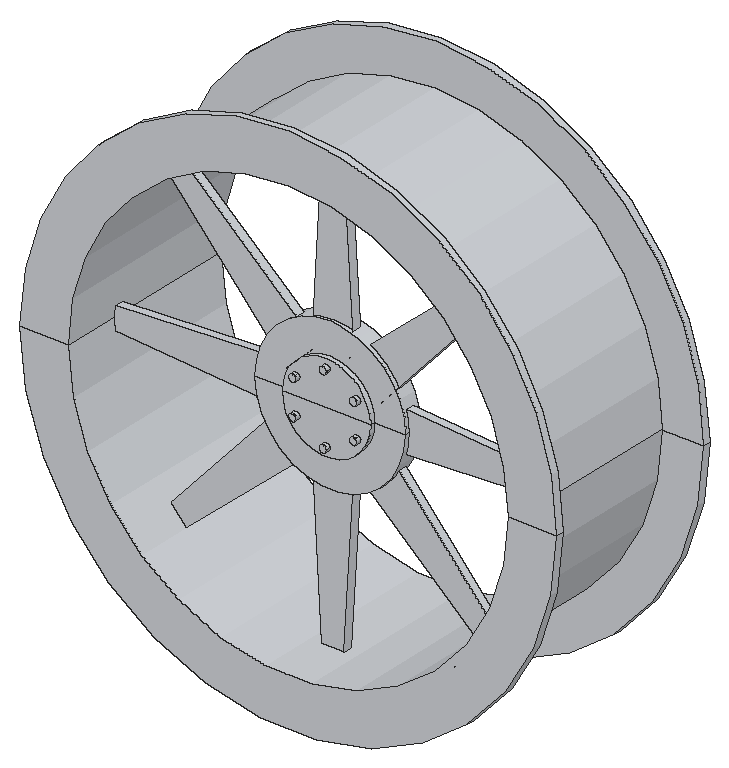
Revit family "CADS_Vent-Axia_MechEquip_Fan_VSC_SabreSickleShortCased_3Ph4P - SUPPLY", category Mechanical Equipment, Revit 2020
Family settings
  Round Connector Dimension = Use Diameter
  Part Type = Normal
  OmniClass Number = 23.75.00.00
  OmniClass Title = Climate Control (HVAC)
  Work Plane-Based = No
  Always vertical = Yes
  Cut with Voids When Loaded = No
  Shared = No
  Room Calculation Point = No
Parameters (values of type "VSC31534A")
  WorkingPressure = 0.0 Pa
  WarrantyStartDate [instance] = "1900-12-31T23:59:59"
  WarrantyPeriod = ""
  WarrantyIdentifier = "N/A"
  WarrantyGuarantorParts = "tech@vent-axia.com"
  WarrantyGuarantorLabor = "tech@vent-axia.com"
  WarrantyGuarantor = "Vent-Axia Limited"
  WarrantyEndDate [instance] = "1900-12-31T23:59:59"
  WarrantyContent = ""
  TemperatureRange = ""
  TagNumber [instance] = "N/A"
  SustainabilityPerformance = ""
  Status = "New"
  Size = ""
  Shape = ""
  ServiceLifeType = ""
  ServiceLifeDuration = ""
  SerialNumber [instance] = "N/A"
  ReplacementCost = ""
  RatedVoltage = 0 V
  RatedCurrent = 0 A
  Quantity = 1
  ProductionYear = ""
  PressureCurve = ""
  PowerFactor = ""
  PointOfContact = ""
  NumberOfPoles = 0
  NominalWidth = 315 mm
  NominalLength = 136.5 mm
  NominalHeight = 315 mm
  NominalFrequencyRange = ""
  NominalDiameter = 315 mm
  ModelReference = "OWLET SICKLE CASE FAN 315DIA 3PH 4 POLE"
  ModelNumber = "VSC31534A"
  Material = ""
  ManufacturerE-Mail = "tech@vent-axia.com"
  ManufacturerAddress = "Fleming Way\nCrawley \nRH10 9YX"
  IsExtendedWarranty = no
  InsulationStandardClass = ""
  InstallationDate [instance] = "1900-12-31T23:59:59"
  IfcExportType [instance] = ""
  IfcExportAs = "IfcFanType"
  IP_Code = ""
  HasProtectiveEarth = no
  GrossWeight = 0.00 kg
  Grade = ""
  GlobalTradeItemNumber [instance] = "N/A"
  Fitting Type = "Ignore"
  Finish = ""
  Features = ""
  ExteriorInsulation = no
  ExpectedServiceLife = 0
  Exclusions = ""
  DurationUnit = "Year"
  Default Elevation = 0 mm
  Constituents = ""
  ConductorFunction = ""
  Color = ""
  CodePerformance = ""
  Category = ""
  CADS_Usage = 0
  CADS_Index = 0
  AssetType = "FIXED"
  AssetIdentifier [instance] = "N/A"
  AssemblyPlace = "UNKNOWN"
  ArticleNumber [instance] = "N/A"
  AirflowRateRange = 0.0 L/s
  Air Flow [instance] = 0.0 L/s
  AccessibilityPerformance = ""
Types (7, lengths in mm): name | NominalWidth | NominalLength | NominalHeight | NominalDiameter | ModelReference | ModelNumber
  VSC31534A | 315 | 136.5 | 315 | 315 | "OWLET SICKLE CASE FAN 315DIA 3PH 4 POLE" | "VSC31534A"
  VSC35534A | 355 | 135 | 355 | 355 | "OWLET SICKLE CASE FAN 355 DIA 3PH 4 POLE" | "VSC35534A"
  VSC40034A | 400 | 155 | 400 | 400 | "OWLET SICKLE CASE FAN 400 DIA 3PH 4 POLE" | "VSC40034A"
  VSC45034A | 450 | 160 | 450 | 450 | "OWLET SICKLE CASE FAN 450 DIA 3PH 4 POLE" | "VSC45034A"
  VSC50034A | 500 | 166 | 500 | 500 | "OWLET SICKLE CASE FAN 500 DIA 3PH 4 POLE" | "VSC50034A"
  VSC56034A | 560 | 210 | 560 | 560 | "OWLET SICKLE CASE FAN 560DIA 3PH 4 POLE" | "VSC56034A"
  VSC63034B | 630 | 225.5 | 630 | 630 | "630MM 3PH 4P CASED FAN REF CODE 170513" | "VSC63034B"
Reference planes
  plane 1 "Center (Front/Back)": y = 0
  plane 2: z = 0
  plane 3 "Center (Left/Right)": x = 0
  plane 4: x = -157.5
  plane 5: x = 157.5
  plane 6 "F": y = -68.25
  plane 7 "B": y = 68.25
  plane 8: x = -192.5
  plane 9: y = 63.25
  plane 10: y = -63.25
  plane 11: x = -162.5
  plane 12: y = -28.25
  plane 13 "top": z = 157.5
  plane 14: z = -157.5
Forms (mm)
  Revolve 1, solid
    sketch origin (0, 0, 0) x (1, 0, 0) y (0, 1, 0)
      loop
        line (-192.5, -68.25) -> (-157.5, -68.25) -> (-157.5, 68.25) -> (-192.5, 68.25) -> (-192.5, 63.25) -> (-162.5, 63.25) -> (-162.5, -63.25) -> (-192.5, -63.25) -> (-192.5, -68.25)
      axis (0, 68.25) -> (0, -68.25)
    angle from 0 to 360
Dimensions and locks
  equal spacing: plane 4, plane 3 "Center (Left/Right)", plane 5
  equal spacing: plane 7 "B", plane 1 "Center (Front/Back)", plane 6 "F"
  "NominalLength": plane 7 "B" to plane 6 "F"
  "NominalDiameter": plane 4 to plane 5
  locked: plane 11 to plane 4 at 5
  locked: plane 8 to plane 11 at 30
  locked: plane 6 "F" to plane 10 at 5
  locked: plane 7 "B" to plane 9 at 5
  locked: plane 6 "F" to plane 12 at 40
  equal spacing: plane 13 "top", level, plane 14
  "NominalDiameter": plane 13 "top" to plane 14
  aligned and locked: level to plane 2
  aligned and locked: nested 1 to plane 12
Automatic sketch dimensions
  plane 6 "F" to Revolve 1 sketch curve = 0 mm
  Revolve 1 sketch curve to plane 8 = 0 mm  (x2)
  plane 10 to Revolve 1 sketch curve = 0 mm
  Revolve 1 sketch curve to plane 11 = 0 mm
  Revolve 1 sketch curve to plane 4 = 0 mm
  Revolve 1 sketch curve to plane 3 "Center (Left/Right)" = 0 mm
  plane 1 "Center (Front/Back)" to Revolve 1 sketch curve = 0 mm
  Revolve 1 sketch curve to plane 9 = 0 mm
  Revolve 1 sketch curve to plane 7 "B" = 0 mm
  plane 6 "F" to Revolve 1 sketch curve = 115 mm
Nested families
  nested 1: "Fan for ESC" at (0, -28.25, 0), ND <- "NominalDiameter", type "Fan for ESC"
    with hub 31.5 mm, ND 315 mm, BoltPCD 25.2 mm, Bolt Count 6, B_Diam 5 mm
  nested 2: "Bolts" at (21.824, -37.422, -12.6) x (-0.5, 0, -0.866) z (0, 1, 0), type "Bolts"
    with bd 5 mm
  nested 3: "Bolts" at (0, -37.422, -25.2) x (-1, 0, 0) z (0, 1, 0), type "Bolts"
    with bd 5 mm
  nested 4: "Bolts" at (-21.824, -37.422, -12.6) x (-0.5, 0, 0.866) z (0, 1, 0), type "Bolts"
    with bd 5 mm
  nested 5: "Bolts" at (-21.824, -37.422, 12.6) x (0.5, 0, 0.866) z (0, 1, 0), type "Bolts"
    with bd 5 mm
  nested 6: "Bolts" at (21.824, -37.422, 12.6) x (0.5, 0, -0.866) z (0, 1, 0), type "Bolts"
    with bd 5 mm
  nested 7: "Bolts" at (0, -37.422, 25.2) x (1, 0, 0) z (0, 1, 0), type "Bolts"
    with bd 5 mm
  nested 8: "ESC Blade" at (0, -28.25, 0), type "ESC Blade"
    with a 20.00°, HR 31.5 mm, HD 63 mm, BT 15.75 mm, BR 126 mm, BH 40 mm, BD 315 mm, BB 31.5 mm
  nested 9: "ESC Blade" at (0, -28.25, 0) x (0.7071, 0, -0.7071) z (0.7071, 0, 0.7071), type "ESC Blade"
    with a 20.00°, HR 31.5 mm, HD 63 mm, BT 15.75 mm, BR 126 mm, BH 40 mm, BD 315 mm, BB 31.5 mm
  nested 10: "ESC Blade" at (0, -28.25, 0) x (0, 0, -1) z (1, 0, 0), type "ESC Blade"
    with a 20.00°, HR 31.5 mm, HD 63 mm, BT 15.75 mm, BR 126 mm, BH 40 mm, BD 315 mm, BB 31.5 mm
  nested 11: "ESC Blade" at (0, -28.25, 0) x (-0.7071, 0, -0.7071) z (0.7071, 0, -0.7071), type "ESC Blade"
    with a 20.00°, HR 31.5 mm, HD 63 mm, BT 15.75 mm, BR 126 mm, BH 40 mm, BD 315 mm, BB 31.5 mm
  nested 12: "ESC Blade" at (0, -28.25, 0) x (-1, 0, 0) z (0, 0, -1), type "ESC Blade"
    with a 20.00°, HR 31.5 mm, HD 63 mm, BT 15.75 mm, BR 126 mm, BH 40 mm, BD 315 mm, BB 31.5 mm
  nested 13: "ESC Blade" at (0, -28.25, 0) x (-0.7071, 0, -0.7071) z (-0.7071, 0, 0.7071), type "ESC Blade"
    with a 20.00°, HR 31.5 mm, HD 63 mm, BT 15.75 mm, BR 126 mm, BH 40 mm, BD 315 mm, BB 31.5 mm
  nested 14: "ESC Blade" at (0, -28.25, 0) x (0, 0, -1) z (-1, 0, 0), type "ESC Blade"
    with a 20.00°, HR 31.5 mm, HD 63 mm, BT 15.75 mm, BR 126 mm, BH 40 mm, BD 315 mm, BB 31.5 mm
  nested 15: "ESC Blade" at (0, -28.25, 0) x (0.7071, 0, -0.7071) z (-0.7071, 0, -0.7071), type "ESC Blade"
    with a 20.00°, HR 31.5 mm, HD 63 mm, BT 15.75 mm, BR 126 mm, BH 40 mm, BD 315 mm, BB 31.5 mm
Connectors
  hvac at (0, -68.25, 0), driven by "NominalDiameter", driven by "Air Flow"
    settings: on Revolve 1, index 1, duct flow 0.0 L/s, flow factor 0, pres drop 0.0 Pa, loss coef 0, conn angle 0.00°, conn width 304.8 mm, conn height 304.8 mm, conn diameter 315 mm, duct sys type 1, conn prof type 0, flow config 1, flow direction 1, loss method 0, conn ref index -1, conn util no, is conn primary yes, conn desc ""
  hvac at (0, 68.25, 0), driven by "NominalDiameter", driven by "Air Flow"
    settings: on Revolve 1, index 2, duct flow 0.0 L/s, flow factor 0, pres drop 0.0 Pa, loss coef 0, conn angle 0.00°, conn width 304.8 mm, conn height 304.8 mm, conn diameter 315 mm, duct sys type 1, conn prof type 0, flow config 0, flow direction 2, loss method 0, conn ref index -1, conn util no, is conn primary no, conn desc ""
Definition of nested family "Fan for ESC"
  Parameters (values of type "Fan for ESC")
    hub [instance] = ND / 10  # 56.7 mm
    ND [instance] = 567 mm
    Model = "."
    Default Elevation = 0 mm
    BoltPCD [instance] = hub - (hub * 0.2)  # 45.36 mm
    Bolt Count [instance] = if(hub < 50 mm, 6, 8)  # 8
    B_Diam [instance] = if(hub < 50 mm, 5 mm, 10 mm)  # 10 mm
  Reference planes
    plane 1 "Center (Front/Back)": y = 0
    plane 2: z = 0
    plane 3 "Center (Left/Right)": x = 0
    plane 4 "back": y = 20
    plane 5 "bolts": y = -9.172
    plane 6 "B": z = 56.7
    plane 7: x = -79.287
    plane 8: x = -56.7
    plane 9 "hubface": y = -6.172
  Forms (mm)
    Revolve 1, solid
      sketch origin (0, 0, 0) x (1, 0, 0) y (0, 1, 0)
        loop
          line (0, 20) -> (-56.7, 20) -> (-56.7, 10.504) -> (-79.287, 10.504) -> (-79.287, -2.597) -> (-56.7, -2.597) -> (-56.7, -6.172) -> (0, -6.172) -> (0, 20)
        axis (0, 20) -> (0, -6.172)
      angle from 0 to 360
    Extrusion 2, solid, not visible
      sketch origin (0, -6.347, -4) x (-1, 0, 0) y (0, 0, 1)
        loop
          circle (0, 84) r 5
      from 0 to 3
  Lines and regions (mm)
    symbolic lines
      curve 1: circle (0, -9.172, 0) r 45.36 normal (0, 1, 0)
    model lines, not visible
      curve 2: line (0, -6.347, 85) -> (0, -6.347, 75)
  Dimensions and locks
    "hub": plane 6 "B" to plane 2
    "hub": nested 3 to plane 3 "Center (Left/Right)"
    "hub": nested 4 to plane 3 "Center (Left/Right)"
    "hub": nested 5 to plane 3 "Center (Left/Right)"
    "hub": plane 3 "Center (Left/Right)" to nested 6
    "hub": Revolve 1 sketch curve to Revolve 1 sketch curve
    "hub": plane 3 "Center (Left/Right)" to nested 7
    "hub": plane 3 "Center (Left/Right)" to nested 8
    "hub": plane 3 "Center (Left/Right)" to nested 9
    "hub": plane 8 to plane 3 "Center (Left/Right)"
    plane 7 to plane 8 = 22.587 mm
    diameter of Extrusion 2 sketch curve = 10 mm
    "BoltPCD": radius of curve 1
    "BoltPCD": radius of radial array
    aligned and locked: level to plane 2
    aligned and locked: plane 6 "B" to nested 1
  Automatic sketch dimensions
    Revolve 1 sketch curve to plane 7 = 0 mm
    Revolve 1 sketch curve to plane 8 = 0 mm  (x2)
    Revolve 1 sketch curve to plane 3 "Center (Left/Right)" = 0 mm
    Revolve 1 sketch curve to plane 9 "hubface" = 0 mm
    plane 4 "back" to Revolve 1 sketch curve = 0 mm
    plane 1 "Center (Front/Back)" to Revolve 1 sketch curve = 2.597 mm
    plane 4 "back" to Revolve 1 sketch curve = 9.496 mm
    Revolve 1 sketch curve to Revolve 1 sketch curve = 5 mm
    Revolve 1 sketch curve to plane 4 "back" = 45 mm
    curve 1 to level = 0 mm
    curve 1 to plane 3 "Center (Left/Right)" = 0 mm
  Nested families
    nested 1: "ESC Blade" at (0, 0, 0), BD <- "ND", HD <- "hub", type "ESC Blade"
      with a 20.00°, HR 56.7 mm, HD 113.4 mm, BT 28.35 mm, BR 226.8 mm, BH 40 mm, BD 567 mm, BB 56.7 mm
    nested 2: "ESC Blade" at (0, 0, 755), BD <- "ND", HD <- "hub", type "ESC Blade", not visible
      with a 20.00°, HR 56.7 mm, HD 113.4 mm, BT 28.35 mm, BR 226.8 mm, BH 40 mm, BD 567 mm, BB 56.7 mm
    nested 3: "ESC Blade" at (0, 0, 0) x (0.7071, 0, -0.7071) z (0.7071, 0, 0.7071), BD <- "ND", HD <- "hub", type "ESC Blade"
      with a 20.00°, HR 56.7 mm, HD 113.4 mm, BT 28.35 mm, BR 226.8 mm, BH 40 mm, BD 567 mm, BB 56.7 mm
    nested 4: "ESC Blade" at (0, 0, 0) x (0, 0, -1) z (1, 0, 0), BD <- "ND", HD <- "hub", type "ESC Blade"
      with a 20.00°, HR 56.7 mm, HD 113.4 mm, BT 28.35 mm, BR 226.8 mm, BH 40 mm, BD 567 mm, BB 56.7 mm
    nested 5: "ESC Blade" at (0, 0, 0) x (-0.7071, 0, -0.7071) z (0.7071, 0, -0.7071), BD <- "ND", HD <- "hub", type "ESC Blade"
      with a 20.00°, HR 56.7 mm, HD 113.4 mm, BT 28.35 mm, BR 226.8 mm, BH 40 mm, BD 567 mm, BB 56.7 mm
    nested 6: "ESC Blade" at (0, 0, 0) x (-1, 0, 0) z (0, 0, -1), BD <- "ND", HD <- "hub", type "ESC Blade"
      with a 20.00°, HR 56.7 mm, HD 113.4 mm, BT 28.35 mm, BR 226.8 mm, BH 40 mm, BD 567 mm, BB 56.7 mm
    nested 7: "ESC Blade" at (0, 0, 0) x (-0.7071, 0, -0.7071) z (-0.7071, 0, 0.7071), BD <- "ND", HD <- "hub", type "ESC Blade"
      with a 20.00°, HR 56.7 mm, HD 113.4 mm, BT 28.35 mm, BR 226.8 mm, BH 40 mm, BD 567 mm, BB 56.7 mm
    nested 8: "ESC Blade" at (0, 0, 0) x (0, 0, -1) z (-1, 0, 0), BD <- "ND", HD <- "hub", type "ESC Blade"
      with a 20.00°, HR 56.7 mm, HD 113.4 mm, BT 28.35 mm, BR 226.8 mm, BH 40 mm, BD 567 mm, BB 56.7 mm
    nested 9: "ESC Blade" at (0, 0, 0) x (0.7071, 0, -0.7071) z (-0.7071, 0, -0.7071), BD <- "ND", HD <- "hub", type "ESC Blade"
      with a 20.00°, HR 56.7 mm, HD 113.4 mm, BT 28.35 mm, BR 226.8 mm, BH 40 mm, BD 567 mm, BB 56.7 mm
    nested 10: "Bolts" at (0, -9.172, 45.36) x (1, 0, 0) z (0, 1, 0), bd <- "B_Diam", type "Bolts"
      with bd 10 mm
    nested 11: "Bolts" at (32.074, -9.172, 32.074) x (0.7071, 0, -0.7071) z (0, 1, 0), bd <- "B_Diam", type "Bolts"
      with bd 10 mm
    nested 12: "Bolts" at (-32.074, -9.172, 32.074) x (0.7071, 0, 0.7071) z (0, 1, 0), bd <- "B_Diam", type "Bolts"
      with bd 10 mm
    nested 13: "Bolts" at (-45.36, -9.172, 0) x (0, 0, 1) z (0, 1, 0), bd <- "B_Diam", type "Bolts"
      with bd 10 mm
    nested 14: "Bolts" at (-32.074, -9.172, -32.074) x (-0.7071, 0, 0.7071) z (0, 1, 0), bd <- "B_Diam", type "Bolts"
      with bd 10 mm
    nested 15: "Bolts" at (0, -9.172, -45.36) x (-1, 0, 0) z (0, 1, 0), bd <- "B_Diam", type "Bolts"
      with bd 10 mm
    nested 16: "Bolts" at (32.074, -9.172, -32.074) x (-0.7071, 0, -0.7071) z (0, 1, 0), bd <- "B_Diam", type "Bolts"
      with bd 10 mm
    nested 17: "Bolts" at (45.36, -9.172, 0) x (0, 0, -1) z (0, 1, 0), bd <- "B_Diam", type "Bolts"
      with bd 10 mm
  Definition of nested family "ESC Blade"
    Parameters (values of type "ESC Blade")
      a [instance] = 20.00°
      HR [instance] = HD / 2  # 30 mm
      HD [instance] = BD / 5  # 60 mm
      Default Elevation = 1219.2 mm
      BT [instance] = BD / 20  # 15 mm
      BR [instance] = (BD / 2) - HR  # 120 mm
      BH [instance] = 40 mm
      BD [instance] = 300 mm
      BB [instance] = BD / 10  # 30 mm
    Reference planes
      plane 1 "Center (Front/Back)": y = 0
      plane 2: z = 0
      plane 3 "Center (Left/Right)": x = 0
      plane 4 "Blade Bot": z = 30
      plane 5: x = -15
      plane 6: x = 15
      plane 7: x = -7.5
      plane 8: x = 7.5
    Forms (mm)
      Blend 1, solid
        base sketch origin (0, 0, 30) x (-1, 0, 0) y (0, -1, 0)
          loop
            line (15, 0) -> (-15, 0) -> (-15, -6) -> (15, -6) -> (15, 0)
        top sketch origin (0, 0, 30) x (-1, 0, 0) y (0, -1, 0)
          loop
            line (7.5, -6) -> (7.5, 0) -> (-7.5, 0) -> (-7.5, -6) -> (7.5, -6)
        from 0 to 120 <- "BR"
    Dimensions and locks
      "HR": plane 4 "Blade Bot" to level
      equal spacing: plane 8, plane 3 "Center (Left/Right)", plane 7
      "BT": plane 8 to plane 7
      equal spacing: plane 6, plane 3 "Center (Left/Right)", plane 5
      "BB": plane 6 to plane 5
      aligned and locked: level to plane 2
    Automatic sketch dimensions
      plane 1 "Center (Front/Back)" to Blend 1 sketch curve = 0 mm  (x2)
      Blend 1 sketch curve to plane 6 = 0 mm
      Blend 1 sketch curve to plane 5 = 0 mm
      Blend 1 sketch curve to plane 1 "Center (Front/Back)" = 6 mm  (x2)
      Blend 1 sketch curve to plane 8 = 0 mm
      Blend 1 sketch curve to plane 7 = 0 mm
  Definition of nested family "Bolts"
    Parameters
      bd [instance] = 10 mm
      Default Elevation = 1219.2 mm
    Reference planes
      plane 1 "Center (Front/Back)": y = 0
      plane 2: z = 0
      plane 3 "Center (Left/Right)": x = 0
    Forms (mm)
      Extrusion 1, solid
        sketch origin (0, 0, 0) x (1, 0, 0) y (0, 1, 0)
          loop
            line (-1219.2, 1219.2) -> (-1219.2, -1219.2) -> (1219.2, -1219.2) -> (1219.2, 1219.2) -> (-1219.2, 1219.2)
        from 0 to -304.8
      Extrusion 2, solid
        sketch origin (0, 0, 0) x (1, 0, 0) y (0, 1, 0)
          loop
            circle (0, 0) r 5
        from 0 to 3
    Dimensions and locks
      "bd": diameter of Extrusion 2 sketch curve
      aligned and locked: plane 2 to Extrusion 1
      aligned and locked: level to Extrusion 1
    Automatic sketch dimensions
      Extrusion 1 sketch curve to Extrusion 1 sketch curve = 2438.4 mm  (x2)
      plane 1 "Center (Front/Back)" to Extrusion 2 sketch curve = 0 mm
      Extrusion 2 sketch curve to plane 3 "Center (Left/Right)" = 0 mm
Definition of nested family "Bolts"
  Parameters
    bd [instance] = 10 mm
    Default Elevation = 1219.2 mm
  Reference planes
    plane 1 "Center (Front/Back)": y = 0
    plane 2: z = 0
    plane 3 "Center (Left/Right)": x = 0
  Forms (mm)
    Extrusion 1, solid
      sketch origin (0, 0, 0) x (1, 0, 0) y (0, 1, 0)
        loop
          line (-1219.2, 1219.2) -> (-1219.2, -1219.2) -> (1219.2, -1219.2) -> (1219.2, 1219.2) -> (-1219.2, 1219.2)
      from 0 to -304.8
    Extrusion 2, solid
      sketch origin (0, 0, 0) x (1, 0, 0) y (0, 1, 0)
        loop
          circle (0, 0) r 5
      from 0 to 3
  Dimensions and locks
    "bd": diameter of Extrusion 2 sketch curve
    aligned and locked: plane 2 to Extrusion 1
    aligned and locked: level to Extrusion 1
  Automatic sketch dimensions
    Extrusion 1 sketch curve to Extrusion 1 sketch curve = 2438.4 mm  (x2)
    plane 1 "Center (Front/Back)" to Extrusion 2 sketch curve = 0 mm
    Extrusion 2 sketch curve to plane 3 "Center (Left/Right)" = 0 mm
Definition of nested family "ESC Blade"
  Parameters (values of type "ESC Blade")
    a [instance] = 20.00°
    HR [instance] = HD / 2  # 30 mm
    HD [instance] = BD / 5  # 60 mm
    Default Elevation = 1219.2 mm
    BT [instance] = BD / 20  # 15 mm
    BR [instance] = (BD / 2) - HR  # 120 mm
    BH [instance] = 40 mm
    BD [instance] = 300 mm
    BB [instance] = BD / 10  # 30 mm
  Reference planes
    plane 1 "Center (Front/Back)": y = 0
    plane 2: z = 0
    plane 3 "Center (Left/Right)": x = 0
    plane 4 "Blade Bot": z = 30
    plane 5: x = -15
    plane 6: x = 15
    plane 7: x = -7.5
    plane 8: x = 7.5
  Forms (mm)
    Blend 1, solid
      base sketch origin (0, 0, 30) x (-1, 0, 0) y (0, -1, 0)
        loop
          line (15, 0) -> (-15, 0) -> (-15, -6) -> (15, -6) -> (15, 0)
      top sketch origin (0, 0, 30) x (-1, 0, 0) y (0, -1, 0)
        loop
          line (7.5, -6) -> (7.5, 0) -> (-7.5, 0) -> (-7.5, -6) -> (7.5, -6)
      from 0 to 120 <- "BR"
  Dimensions and locks
    "HR": plane 4 "Blade Bot" to level
    equal spacing: plane 8, plane 3 "Center (Left/Right)", plane 7
    "BT": plane 8 to plane 7
    equal spacing: plane 6, plane 3 "Center (Left/Right)", plane 5
    "BB": plane 6 to plane 5
    aligned and locked: level to plane 2
  Automatic sketch dimensions
    plane 1 "Center (Front/Back)" to Blend 1 sketch curve = 0 mm  (x2)
    Blend 1 sketch curve to plane 6 = 0 mm
    Blend 1 sketch curve to plane 5 = 0 mm
    Blend 1 sketch curve to plane 1 "Center (Front/Back)" = 6 mm  (x2)
    Blend 1 sketch curve to plane 8 = 0 mm
    Blend 1 sketch curve to plane 7 = 0 mm
